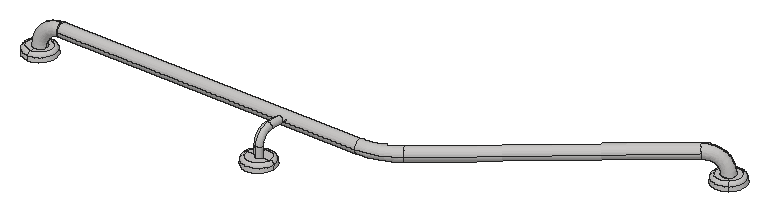
Revit family "8478475440 Virtu Comfort Grab Rail 870x700mm LH 140° Angled", category Plumbing Fixtures, host Face, Revit 2015
Parameters (values of type "Virtu Comfort Grab Rail 870x700mm LH 140° Angled")
  Waste Connection = no
  Vent Connection = no
  URL = "https://www.caroma.com.au/"
  Rail_Height = 73 mm
  Model = "8478475440"
  Material_Base = GWA_Metal-Stainless
  Manufacturer = "GWA Bathrooms & Kitchens"  # constant formula
  HW Connection = no
  Description = "Virtu Comfort Grab Rail 870x700mm LH 140° Angled"
  Default Elevation = 0 mm
  CreatedBy_ANZRS = "GWA Bathrooms & Kitchens"  # constant formula
  CW Connection = no
  Assembly Code = "C1030200"
Reference planes
  plane 1 "Center (Front/Back)": y = 0
  plane 2: z = 0
  plane 3 "Center (Left/Right)": x = 0
  plane 4 "Left": x = 0
  plane 5 "Rail_Centre": z = 73
  plane 6: through (644.056, 321.45, 1219.2) normal (-0.766, -0.6428, 0)
  plane 7: x = -245
  plane 8: x = -870
Forms (mm)
  Revolve 1, solid, material "GWA_Metal-Stainless" <- "Material_Base"
    sketch origin (536.231, 449.951, 0) x (-0.642788, 0.766044, 0) y (0, 0, -1)
      loop
        line (17, -16.9) -> (17, -18) -> (29.753, -18)
        arc (29.753, -18) -> (35.44, -15.817) -> (38.206, -10.39) r 8.5
        line (38.206, -10.39) -> (39.3, 0) -> (38.194, 0) -> (37.112, -10.275)
        arc (37.112, -10.275) -> (34.704, -15) -> (29.753, -16.9) r 7.4
        line (29.753, -16.9) -> (17, -16.9)
      axis (0, -18) -> (0, 0)
    angle from 0 to 360
  Sweep 2, solid, material "GWA_Metal-Stainless" <- "Material_Base"
    path origin (-612.836, -514.23, 0) x (-0.766044, -0.642788, 0) y (0, 0, -1)
      loop
        line (-1500, 0) -> (-1500, -17)
        arc (-1500, -17) -> (-1483.598, -56.598) -> (-1444, -73) r 56
    profile origin (536.231, 449.951, 8.5) x (-0.766044, -0.642788, 0) y (0.642788, -0.766044, 0)
      loop
        circle (0, 0) r 16
  Revolve 3, solid, material "GWA_Metal-Stainless" <- "Material_Base"
    sketch origin (-300, -80, 0) x (-1, 0, 0) y (0, 0, -1)
      loop
        line (-55, -16.9) -> (-84.753, -16.9)
        arc (-84.753, -16.9) -> (-89.704, -15) -> (-92.112, -10.275) r 7.4
        line (-92.112, -10.275) -> (-93.194, 0) -> (-94.3, 0) -> (-93.206, -10.39)
        arc (-93.206, -10.39) -> (-90.44, -15.817) -> (-84.753, -18) r 8.5
        line (-84.753, -18) -> (-55, -18) -> (-55, -16.9)
      axis (-55, -18) -> (-55, 0)
    angle from 0 to 360
  Sweep 4, solid, material "GWA_Metal-Stainless" <- "Material_Base"
    path origin (-245, 0, 0) x (0, 1, 0) y (0, 0, 1)
      loop
        line (-80, 0) -> (-80, 43)
        arc (-80, 43) -> (-71.213, 64.213) -> (-50, 73) r 30
        line (-50, 73) -> (0, 73)
    profile origin (-245, -80, 21.5) x (0, 1, 0) y (-1, 0, 0)
      loop
        circle (0, 0) r 9
  Revolve 5, solid, material "GWA_Metal-Stainless" <- "Material_Base"
    sketch origin (-870, 60, 0) x (0, 1, 0) y (0, 0, 1)
      loop
        line (-43, 16.9) -> (-30.247, 16.9)
        arc (-30.247, 16.9) -> (-25.296, 15) -> (-22.888, 10.275) r 7.4
        line (-22.888, 10.275) -> (-21.806, 0) -> (-20.7, 0) -> (-21.794, 10.39)
        arc (-21.794, 10.39) -> (-24.56, 15.817) -> (-30.247, 18) r 8.5
        line (-30.247, 18) -> (-43, 18) -> (-43, 16.9)
      axis (-60, 18) -> (-60, 0)
    angle from 0 to 360
  Sweep 6, solid, material "GWA_Metal-Stainless" <- "Material_Base"
    path origin (0, 0, 0) x (1, 0, 0) y (0, 0, 1)
      loop
        line (-870, 0) -> (-870, 17)
        arc (-870, 17) -> (-853.598, 56.598) -> (-814, 73) r 56
    profile origin (-870, 0, 8.5) x (-1, 0, 0) y (0, -1, 0)
      loop
        circle (0, 0) r 16
  Sweep 7, solid, material "GWA_Metal-Stainless" <- "Material_Base"
    path origin (0, 0, 73) x (1, 0, 0) y (0, 1, 0)
      loop
        line (-814, 0) -> (-49.864, 0)
        arc (-49.864, 0) -> (-3.007, 8.262) -> (38.198, 32.052) r 137
        line (38.198, 32.052) -> (493.333, 413.955)
    profile origin (265.765, 223.004, 73) x (-0.642788, 0.766044, 0) y (0, 0, 1)
      loop
        circle (0, 0) r 16
Lines and regions (mm)
  Masking region 1
    outline origin (0, 0, 0) x (0, 1, 0) y (0, 0, 1)
      loop
        arc (0, 89) -> (-7.483, 87.142) -> (-13.229, 82) r 16
        line (-13.229, 82) -> (-50, 82)
        arc (-50, 82) -> (-77.577, 70.577) -> (-89, 43) r 39
        line (-89, 43) -> (-89, 18) -> (-109.755, 18)
        arc (-109.755, 18) -> (-115.442, 15.817) -> (-118.208, 10.388) r 8.5
        line (-118.208, 10.388) -> (-119.3, 0) -> (-40.7, 0) -> (-41.792, 10.388)
        arc (-41.792, 10.388) -> (-44.558, 15.817) -> (-50.245, 18) r 8.5
        line (-50.245, 18) -> (-71, 18) -> (-71, 43)
        arc (-71, 43) -> (-64.849, 57.849) -> (-50, 64) r 21
        line (-50, 64) -> (-16, 64) -> (-16, 18) -> (-29.755, 18)
        arc (-29.755, 18) -> (-35.442, 15.817) -> (-38.208, 10.388) r 8.5
        line (-38.208, 10.388) -> (-39.3, 0) -> (39.3, 0) -> (38.208, 10.388)
        arc (38.208, 10.388) -> (35.442, 15.817) -> (29.755, 18) r 8.5
        line (29.755, 18) -> (16, 18) -> (16, 57) -> (413.955, 57)
        arc (413.955, 57) -> (416.689, 56.461) -> (419.18, 55.212) r 10.348
        arc (419.18, 55.212) -> (422.237, 52.684) -> (424.785, 49.643) r 21.791
        arc (424.785, 49.643) -> (427.708, 44.83) -> (430.029, 39.7) r 46.537
        arc (430.029, 39.7) -> (431.356, 35.765) -> (432.376, 31.74) r 53.629
        arc (432.376, 31.74) -> (433.169, 27.367) -> (433.701, 22.956) r 74.565
        arc (433.701, 22.956) -> (433.872, 20.48) -> (433.94, 18) r 59.171
        line (433.94, 18) -> (420.197, 18)
        arc (420.197, 18) -> (414.509, 15.817) -> (411.743, 10.388) r 8.5
        line (411.743, 10.388) -> (410.651, 0) -> (489.251, 0) -> (488.159, 10.388)
        arc (488.159, 10.388) -> (485.394, 15.817) -> (479.706, 18) r 8.5
        line (479.706, 18) -> (465.943, 18)
        arc (465.943, 18) -> (465.446, 27.079) -> (464.152, 36.079) r 103.181
        arc (464.152, 36.079) -> (462.719, 42.395) -> (460.834, 48.592) r 89.675
        arc (460.834, 48.592) -> (457.524, 56.744) -> (453.35, 64.489) r 81.007
        arc (453.35, 64.489) -> (446.806, 73.222) -> (438.741, 80.574) r 57.957
        arc (438.741, 80.574) -> (427.022, 86.77) -> (413.955, 89) r 41.961
        line (413.955, 89) -> (0, 89)
  Masking region 2
    outline origin (0, 0, 73) x (1, 0, 0) y (0, 1, 0)
      loop
        line (498.449, 439.135) -> (27.913, 44.309)
        arc (27.913, 44.309) -> (-8.479, 23.297) -> (-49.864, 16) r 121
        line (-49.864, 16) -> (-834.104, 16)
        arc (-834.104, 16) -> (-878.179, 38.439) -> (-909.3, 0) r 39.3
        arc (-909.3, 0) -> (-878.179, -38.439) -> (-834.104, -16) r 39.3
        line (-834.104, -16) -> (-254, -16) -> (-254, -41.744)
        arc (-254, -41.744) -> (-245, -119.3) -> (-236, -41.744) r 39.3
        line (-236, -41.744) -> (-236, -16) -> (-49.864, -16)
        arc (-49.864, -16) -> (2.465, -6.773) -> (48.483, 19.795) r 153
        line (48.483, 19.795) -> (519.018, 414.621)
        arc (519.018, 414.621) -> (566.337, 475.213) -> (498.449, 439.135) r 39.3
  Masking region 3
    outline origin (0, 0, 0) x (-1, 0, 0) y (0, 0, 1)
      loop
        line (-493.333, 57) -> (236, 57) -> (236, 18) -> (215.245, 18)
        arc (215.245, 18) -> (209.558, 15.817) -> (206.792, 10.388) r 8.5
        line (206.792, 10.388) -> (205.7, 0) -> (284.3, 0) -> (283.208, 10.388)
        arc (283.208, 10.388) -> (280.442, 15.817) -> (274.755, 18) r 8.5
        line (274.755, 18) -> (254, 18) -> (254, 57) -> (814, 57)
        arc (814, 57) -> (841.928, 45.636) -> (853.987, 18) r 40
        line (853.987, 18) -> (840.245, 18)
        arc (840.245, 18) -> (834.558, 15.817) -> (831.792, 10.388) r 8.5
        line (831.792, 10.388) -> (830.7, 0) -> (909.3, 0) -> (908.208, 10.388)
        arc (908.208, 10.388) -> (905.442, 15.817) -> (899.755, 18) r 8.5
        line (899.755, 18) -> (885.993, 18)
        arc (885.993, 18) -> (864.557, 68.264) -> (814, 89) r 72
        line (814, 89) -> (-493.542, 89)
        arc (-493.542, 89) -> (-501.401, 88.33) -> (-509.054, 86.422) r 49.532
        arc (-509.054, 86.422) -> (-517.271, 82.87) -> (-524.78, 77.995) r 53.411
        arc (-524.78, 77.995) -> (-533.327, 70.023) -> (-540.291, 60.638) r 64.381
        arc (-540.291, 60.638) -> (-544.671, 52.414) -> (-548.066, 43.737) r 80.139
        arc (-548.066, 43.737) -> (-550.202, 35.897) -> (-551.562, 27.885) r 83.133
        arc (-551.562, 27.885) -> (-552.025, 22.951) -> (-552.231, 18) r 95.84
        line (-552.231, 18) -> (-565.986, 18)
        arc (-565.986, 18) -> (-571.673, 15.817) -> (-574.439, 10.388) r 8.5
        line (-574.439, 10.388) -> (-575.531, 0) -> (-496.931, 0) -> (-498.023, 10.388)
        arc (-498.023, 10.388) -> (-500.789, 15.817) -> (-506.476, 18) r 8.5
        line (-506.476, 18) -> (-520.231, 18)
        arc (-520.231, 18) -> (-519.922, 22.931) -> (-519.189, 27.817) r 57.078
        arc (-519.189, 27.817) -> (-517.771, 33.399) -> (-515.736, 38.787) r 51.21
        arc (-515.736, 38.787) -> (-513.189, 43.626) -> (-510.017, 48.082) r 40.818
        arc (-510.017, 48.082) -> (-506.43, 51.714) -> (-502.23, 54.616) r 27.332
        arc (-502.23, 54.616) -> (-497.931, 56.365) -> (-493.333, 57) r 18.669
  symbolic lines
    curve 1: line (0, -71, 18) -> (0, -89, 18)
    curve 2: line (0, 35.896, 89) -> (0, 0, 89)
    curve 3: arc (0, 0, 89) -> (0, -16, 73) -> (0, 0, 57) r 16
    curve 4: line (0, 0, 57) -> (0, 35.896, 57)
    curve 5: line (0, -38.256, 82) -> (0, -13.229, 82)
    curve 6: line (0, -38.256, 64) -> (0, -13.229, 64)
    curve 7: line (0, -16, 18) -> (0, 16, 18)
    curve 8: line (254, 0, 57) -> (236, 0, 57)
    curve 9: line (0, 465.943, 18) -> (0, 433.94, 18)
    curve 10: arc (549.254, 460.879, 40) -> (534.786, 466.89, 40) -> (521.546, 458.516, 40) r 17
    curve 11: arc (542.115, 434.002, 40) -> (552.661, 445.587, 40) -> (549.254, 460.879, 40) r 17
    curve 12: arc (546.516, 437.695, 40) -> (548.488, 460.236, 40) -> (525.947, 462.208, 40) r 16
    curve 13: arc (521.546, 458.516, 40) -> (549.254, 460.879, 40) -> (542.115, 434.002, 40) r 17
    curve 14: line (525.947, 462.208, 40) -> (498.449, 439.135, 40)
    curve 15: line (546.516, 437.695, 40) -> (519.018, 414.621, 40)
    curve 16: line (546.516, 437.695, 73) -> (519.018, 414.621, 73)
    curve 17: line (525.947, 462.208, 73) -> (498.449, 439.135, 73)
    curve 18: line (-236, -41.744, 73) -> (-236, -80, 73)
    curve 19: arc (-236, -80, 73) -> (-245, -89, 73) -> (-254, -80, 73) r 9
    curve 20: line (-254, -80, 73) -> (-254, -41.744, 73)
    curve 21: line (-236, -16, 73) -> (-254, -16, 73)
    curve 22: arc (-887, 0, 40) -> (-879.781, 13.904, 40) -> (-864.255, 16, 40) r 17
    curve 23: arc (-864.255, -16, 40) -> (-879.781, -13.904, 40) -> (-887, 0, 40) r 17
    curve 24: arc (-870, -16, 40) -> (-886, 0, 40) -> (-870, 16, 40) r 16
    curve 25: arc (-864.255, 16, 40) -> (-887, 0, 40) -> (-864.255, -16, 40) r 17
    curve 26: line (-834.104, 16, 73) -> (-870, 16, 73)
    curve 27: line (-834.104, -16, 73) -> (-870, -16, 73)
    curve 28: line (-228.987, 0, 18) -> (-260.993, 0, 18)
    curve 29: line (-254, 0, 57) -> (-236, 0, 57)
    curve 30: line (-853.987, 0, 18) -> (-885.993, 0, 18)
    curve 31: line (520.231, 0, 18) -> (552.231, 0, 18)
Dimensions and locks
  "Rail_Height": plane 5 "Rail_Centre" to host face
  aligned and locked: plane 2 to host face
  aligned and locked: level to host face
Automatic sketch dimensions
  curve 3 to plane 1 "Center (Front/Back)" = 0 mm
  curve 3 to plane 5 "Rail_Centre" = 0 mm
  curve 4 to plane 5 "Rail_Centre" = 16 mm
  curve 6 to plane 5 "Rail_Centre" = 9 mm
  plane 5 "Rail_Centre" to curve 5 = 9 mm
  plane 1 "Center (Front/Back)" to curve 7 = 16 mm
  curve 5 to curve 5 = 25.027 mm
  curve 6 to curve 5 = 0 mm
  level to curve 1 = 18 mm
  curve 1 to curve 7 = 55 mm
  curve 1 to curve 1 = 18 mm
  curve 7 to plane 1 "Center (Front/Back)" = 16 mm
  curve 3 to curve 2 = 35.896 mm
  curve 4 to curve 2 = 0 mm
  level to curve 9 = 18 mm
  curve 4 to curve 9 = 398.044 mm
  curve 9 to curve 9 = 32.004 mm
  level to curve 7 = 18 mm
  host sketch curve to host sketch curve = 2438.4 mm  (x2)
  curve 10 to curve 11 = 0 mm  (x2)
  curve 10 to curve 12 = 0 mm  (x2)
  curve 10 to curve 13 = 0 mm  (x3)
  curve 11 to curve 12 = 0 mm  (x2)
  curve 11 to curve 13 = 0 mm  (x2)
  curve 12 to curve 13 = 0 mm  (x2)
  curve 22 to curve 23 = 0 mm  (x2)
  curve 22 to curve 24 = 0 mm  (x2)
  curve 22 to curve 25 = 0 mm  (x2)
  curve 23 to curve 24 = 0 mm  (x2)
  curve 23 to curve 25 = 0 mm  (x3)
  curve 24 to curve 25 = 0 mm  (x2)
  curve 12 to plane 6 = 0 mm  (x2)
  curve 10 to plane 6 = 0 mm
  plane 1 "Center (Front/Back)" to curve 22 = 0 mm
  curve 22 to plane 8 = 0 mm
  curve 14 to plane 1 "Center (Front/Back)" = 462.208 mm
  curve 13 to curve 12 = 10.285 mm
  curve 25 to curve 24 = 5.745 mm
  curve 22 to curve 24 = 5.745 mm
  curve 25 to curve 22 = 0 mm  (x2)
  curve 12 to curve 14 = 27.498 mm
  curve 15 to curve 14 = 20.569 mm
  curve 12 to curve 13 = 4.401 mm  (x2)
  curve 11 to curve 10 = 13.023 mm
  plane 8 to curve 23 = 17 mm
  curve 10 to curve 10 = 10.927 mm
  curve 24 to curve 22 = 0 mm
  curve 16 to plane 6 = 0 mm
  curve 17 to plane 6 = 0 mm
  curve 19 to plane 7 = 0 mm
  curve 27 to plane 8 = 0 mm
  curve 26 to plane 8 = 0 mm
  curve 18 to curve 19 = 9 mm
  plane 1 "Center (Front/Back)" to curve 19 = 80 mm
  curve 21 to plane 7 = 9 mm
  plane 3 "Center (Left/Right)" to curve 17 = 498.449 mm
  curve 16 to curve 17 = 20.569 mm
  curve 17 to plane 1 "Center (Front/Back)" = 462.208 mm
  curve 16 to plane 1 "Center (Front/Back)" = 437.695 mm
  plane 7 to curve 21 = 9 mm
  plane 1 "Center (Front/Back)" to curve 27 = 16 mm
  curve 27 to curve 27 = 35.896 mm
  curve 26 to curve 27 = 0 mm
  curve 20 to curve 20 = 38.256 mm
  curve 20 to curve 18 = 0 mm
  plane 1 "Center (Front/Back)" to curve 21 = 16 mm
  curve 26 to plane 1 "Center (Front/Back)" = 16 mm
  curve 16 to curve 16 = 23.073 mm
  curve 17 to curve 16 = 24.513 mm
  Masking region 1 sketch curve to Masking region 1 sketch curve = 0 mm  (x9)
  Masking region 1 sketch curve to level = 0 mm  (x3)
  Masking region 1 sketch curve to plane 1 "Center (Front/Back)" = 0 mm
  Masking region 1 sketch curve to plane 5 "Rail_Centre" = 0 mm
  plane 1 "Center (Front/Back)" to Masking region 1 sketch curve = 13.229 mm
  plane 1 "Center (Front/Back)" to Masking region 1 sketch curve = 16 mm
  level to Masking region 1 sketch curve = 9.5 mm  (x2)
  Masking region 1 sketch curve to Masking region 1 sketch curve = 13.755 mm  (x2)
  level to Masking region 1 sketch curve = 10.388 mm  (x6)
  Masking region 1 sketch curve to Masking region 1 sketch curve = 8.453 mm  (x6)
  Masking region 1 sketch curve to Masking region 1 sketch curve = 1.092 mm  (x5)
  Masking region 1 sketch curve to Masking region 1 sketch curve = 1.4 mm
  Masking region 1 sketch curve to Masking region 1 sketch curve = 3.584 mm
  Masking region 1 sketch curve to Masking region 1 sketch curve = 20.245 mm
  Masking region 1 sketch curve to Masking region 1 sketch curve = 20.755 mm  (x2)
  Masking region 1 sketch curve to Masking region 1 sketch curve = 18 mm
  Masking region 1 sketch curve to plane 1 "Center (Front/Back)" = 16 mm
  level to Masking region 1 sketch curve = 16.247 mm
  Masking region 1 sketch curve to Masking region 1 sketch curve = 320.138 mm
  Masking region 1 sketch curve to Masking region 1 sketch curve = 3.33 mm
  Masking region 1 sketch curve to Masking region 1 sketch curve = 12.002 mm
  Masking region 1 sketch curve to Masking region 1 sketch curve = 1.268 mm
  Masking region 1 sketch curve to Masking region 1 sketch curve = 3.878 mm
  Masking region 1 sketch curve to Masking region 1 sketch curve = 4.318 mm
  Masking region 1 sketch curve to Masking region 1 sketch curve = 2.309 mm
  Masking region 1 sketch curve to Masking region 1 sketch curve = 17.357 mm
  Masking region 1 sketch curve to Masking region 1 sketch curve = 2.977 mm
  Masking region 1 sketch curve to Masking region 1 sketch curve = 24.107 mm
  Masking region 1 sketch curve to Masking region 1 sketch curve = 6.46 mm
  Masking region 1 sketch curve to Masking region 1 sketch curve = 0.178 mm
  Masking region 1 sketch curve to Masking region 1 sketch curve = 0.438 mm  (x2)
  Masking region 1 sketch curve to Masking region 1 sketch curve = 13.743 mm
  Masking region 1 sketch curve to Masking region 1 sketch curve = 32.004 mm
  Masking region 1 sketch curve to Masking region 1 sketch curve = 13.763 mm
  Masking region 1 sketch curve to Masking region 1 sketch curve = 0.888 mm  (x5)
  Masking region 1 sketch curve to Masking region 1 sketch curve = 0.658 mm
  Masking region 1 sketch curve to Masking region 1 sketch curve = 0.727 mm
  Masking region 1 sketch curve to Masking region 1 sketch curve = 1.783 mm
  Masking region 1 sketch curve to Masking region 1 sketch curve = 1.182 mm
  Masking region 1 sketch curve to Masking region 1 sketch curve = 1.638 mm
  Masking region 1 sketch curve to Masking region 1 sketch curve = 11.135 mm
  Masking region 1 sketch curve to Masking region 1 sketch curve = 2.966 mm
  Masking region 1 sketch curve to Masking region 1 sketch curve = 25 mm
  Masking region 1 sketch curve to Masking region 1 sketch curve = 9.446 mm
  Masking region 1 sketch curve to Masking region 1 sketch curve = 0.371 mm
  Masking region 1 sketch curve to plane 5 "Rail_Centre" = 16 mm
  Revolve 1 sketch curve to Revolve 1 sketch curve = 0 mm  (x2)
  Revolve 1 sketch curve to level = 0 mm
  level to Revolve 1 sketch curve = 18 mm
  Revolve 1 sketch curve to Revolve 1 sketch curve = 12.753 mm
  level to Revolve 1 sketch curve = 10.275 mm
  Revolve 1 sketch curve to Revolve 1 sketch curve = 7.359 mm
  Revolve 1 sketch curve to Revolve 1 sketch curve = 1.082 mm
  level to Revolve 1 sketch curve = 10.39 mm
  Revolve 1 sketch curve to Revolve 1 sketch curve = 1.094 mm
  Revolve 1 sketch curve to Revolve 1 sketch curve = 1.106 mm
  level to Revolve 1 sketch curve = 7.862 mm
  Revolve 1 sketch curve to Revolve 1 sketch curve = 17 mm
  Revolve 1 sketch curve to Revolve 1 sketch curve = 12.173 mm
  Sweep 2 sketch curve to plane 6 = 0 mm
  Sweep 2 sketch curve to plane 5 "Rail_Centre" = 0 mm
  Sweep 2 sketch curve to level = 0 mm
  level to Sweep 2 sketch curve = 17 mm
  Sweep 2 sketch curve to profile plane = 0 mm
  profile plane to Sweep 2 sketch curve = 0 mm
  Revolve 3 sketch curve to Revolve 3 sketch curve = 0 mm  (x2)
  Revolve 3 sketch curve to level = 0 mm
  plane 7 to Revolve 3 sketch curve = 0 mm  (x2)
  level to Revolve 3 sketch curve = 9.5 mm
  Revolve 3 sketch curve to plane 7 = 29.753 mm
  level to Revolve 3 sketch curve = 10.275 mm
  Revolve 3 sketch curve to Revolve 3 sketch curve = 7.359 mm
  Revolve 3 sketch curve to Revolve 3 sketch curve = 1.082 mm
  level to Revolve 3 sketch curve = 10.39 mm
  Revolve 3 sketch curve to Revolve 3 sketch curve = 1.094 mm
  Revolve 3 sketch curve to Revolve 3 sketch curve = 1.106 mm
  Revolve 3 sketch curve to Revolve 3 sketch curve = 2.036 mm
  level to Revolve 3 sketch curve = 7.862 mm
  Sweep 4 sketch curve to level = 0 mm
  Sweep 4 sketch curve to plane 5 "Rail_Centre" = 0 mm
  Sweep 4 sketch curve to plane 1 "Center (Front/Back)" = 0 mm
  Sweep 4 sketch curve to plane 1 "Center (Front/Back)" = 50 mm
  Sweep 4 sketch curve to Sweep 4 sketch curve = 30 mm
  Sweep 4 sketch curve to plane 7 = 0 mm
  profile plane to Sweep 4 sketch curve = 0 mm
  Revolve 5 sketch curve to Revolve 5 sketch curve = 0 mm  (x2)
  Revolve 5 sketch curve to plane 1 "Center (Front/Back)" = 0 mm
  Revolve 5 sketch curve to level = 0 mm
  Revolve 5 sketch curve to plane 1 "Center (Front/Back)" = 17 mm
  Revolve 5 sketch curve to Revolve 5 sketch curve = 12.753 mm
  level to Revolve 5 sketch curve = 10.275 mm
  Revolve 5 sketch curve to Revolve 5 sketch curve = 7.359 mm
  Revolve 5 sketch curve to Revolve 5 sketch curve = 1.082 mm
  level to Revolve 5 sketch curve = 10.39 mm
  Revolve 5 sketch curve to Revolve 5 sketch curve = 1.094 mm
  Revolve 5 sketch curve to Revolve 5 sketch curve = 1.106 mm
  Revolve 5 sketch curve to Revolve 5 sketch curve = 0.775 mm
  level to Revolve 5 sketch curve = 7.862 mm
  Revolve 5 sketch curve to Revolve 5 sketch curve = 12.173 mm
  plane 8 to Sweep 6 sketch curve = 0 mm
  Sweep 6 sketch curve to plane 5 "Rail_Centre" = 0 mm
  Sweep 6 sketch curve to level = 0 mm
  level to Sweep 6 sketch curve = 17 mm
  Sweep 6 sketch curve to profile plane = 0 mm
  profile plane to Sweep 6 sketch curve = 0 mm
  Masking region 2 sketch curve to Masking region 2 sketch curve = 0 mm  (x4)
  plane 1 "Center (Front/Back)" to Masking region 2 sketch curve = 0 mm
  Masking region 2 sketch curve to plane 8 = 0 mm
  Masking region 2 sketch curve to plane 7 = 0 mm
  Masking region 2 sketch curve to plane 6 = 0 mm
  Masking region 2 sketch curve to plane 1 "Center (Front/Back)" = 16 mm
  Masking region 2 sketch curve to plane 8 = 35.896 mm
  plane 1 "Center (Front/Back)" to Masking region 2 sketch curve = 16 mm  (x2)
  plane 7 to Masking region 2 sketch curve = 9 mm
  Masking region 2 sketch curve to plane 7 = 9 mm
  Masking region 2 sketch curve to plane 3 "Center (Left/Right)" = 49.864 mm
  plane 3 "Center (Left/Right)" to Masking region 2 sketch curve = 27.913 mm
  Masking region 2 sketch curve to plane 1 "Center (Front/Back)" = 19.795 mm
  Masking region 2 sketch curve to Masking region 2 sketch curve = 20.569 mm  (x2)
  plane 3 "Center (Left/Right)" to Masking region 2 sketch curve = 498.449 mm
  Masking region 2 sketch curve to Masking region 2 sketch curve = 37.782 mm
  Masking region 2 sketch curve to Masking region 2 sketch curve = 25.744 mm
  Masking region 2 sketch curve to Masking region 2 sketch curve = 38.256 mm
  Masking region 2 sketch curve to Masking region 2 sketch curve = 35.33 mm
  plane 1 "Center (Front/Back)" to Sweep 7 sketch curve = 0 mm
  Sweep 7 sketch curve to plane 3 "Center (Left/Right)" = 49.864 mm
  Sweep 7 sketch curve to plane 1 "Center (Front/Back)" = 32.052 mm
  plane 3 "Center (Left/Right)" to Sweep 7 sketch curve = 38.198 mm
  Sweep 7 sketch curve to plane 8 = 56 mm
  plane 3 "Center (Left/Right)" to Sweep 7 sketch curve = 493.333 mm
  Sweep 7 sketch curve to plane 1 "Center (Front/Back)" = 413.955 mm
  Sweep 7 sketch curve to profile plane = 0 mm
  profile plane to Sweep 7 sketch curve = 0 mm
  Masking region 3 sketch curve to Masking region 3 sketch curve = 0 mm  (x9)
  Masking region 3 sketch curve to level = 0 mm  (x3)
  plane 3 "Center (Left/Right)" to Masking region 3 sketch curve = 575.531 mm
  level to Masking region 3 sketch curve = 10.388 mm  (x6)
  Masking region 3 sketch curve to Masking region 3 sketch curve = 1.092 mm  (x6)
  Masking region 3 sketch curve to Masking region 3 sketch curve = 8.453 mm  (x6)
  Masking region 3 sketch curve to Masking region 3 sketch curve = 13.755 mm  (x2)
  level to Masking region 3 sketch curve = 18 mm
  Masking region 3 sketch curve to Masking region 3 sketch curve = 32 mm
  plane 5 "Rail_Centre" to Masking region 3 sketch curve = 16 mm
  Masking region 3 sketch curve to Masking region 3 sketch curve = 12.934 mm
  Masking region 3 sketch curve to plane 5 "Rail_Centre" = 16 mm  (x2)
  Masking region 3 sketch curve to Masking region 3 sketch curve = 0.21 mm
  Masking region 3 sketch curve to Masking region 3 sketch curve = 0.053 mm
  Masking region 3 sketch curve to Masking region 3 sketch curve = 0.181 mm
  Masking region 3 sketch curve to Masking region 3 sketch curve = 1.054 mm
  Masking region 3 sketch curve to Masking region 3 sketch curve = 3.183 mm
  Masking region 3 sketch curve to Masking region 3 sketch curve = 3.541 mm
  Masking region 3 sketch curve to Masking region 3 sketch curve = 6.898 mm
  Masking region 3 sketch curve to Masking region 3 sketch curve = 6.556 mm
  Masking region 3 sketch curve to Masking region 3 sketch curve = 2.847 mm
  Masking region 3 sketch curve to Masking region 3 sketch curve = 0.096 mm
  Masking region 3 sketch curve to Masking region 3 sketch curve = 5.76 mm
  Masking region 3 sketch curve to Masking region 3 sketch curve = 6.76 mm
  Masking region 3 sketch curve to plane 7 = 39.3 mm
  Masking region 3 sketch curve to plane 7 = 9 mm
  plane 7 to Masking region 3 sketch curve = 9 mm
  level to Masking region 3 sketch curve = 9.5 mm
  Masking region 3 sketch curve to Masking region 3 sketch curve = 20.755 mm
  Masking region 3 sketch curve to plane 8 = 56 mm
  Masking region 3 sketch curve to Masking region 3 sketch curve = 16.7 mm
  Masking region 3 sketch curve to Masking region 3 sketch curve = 13.742 mm
  plane 8 to Masking region 3 sketch curve = 15.993 mm
  Masking region 3 sketch curve to Masking region 3 sketch curve = 13.762 mm
  Masking region 3 sketch curve to Masking region 3 sketch curve = 0.888 mm  (x3)
  level to Masking region 3 sketch curve = 16.481 mm
  Masking region 3 sketch curve to Masking region 3 sketch curve = 0.421 mm
  Masking region 3 sketch curve to Masking region 3 sketch curve = 1.091 mm
  Masking region 3 sketch curve to Masking region 3 sketch curve = 0.032 mm
  Masking region 3 sketch curve to Masking region 3 sketch curve = 0.927 mm
  Masking region 3 sketch curve to Masking region 3 sketch curve = 3.317 mm
  Masking region 3 sketch curve to Masking region 3 sketch curve = 4.885 mm
  Masking region 3 sketch curve to Masking region 3 sketch curve = 3.653 mm
  Masking region 3 sketch curve to Masking region 3 sketch curve = 5.015 mm
  Masking region 3 sketch curve to Masking region 3 sketch curve = 2.541 mm
  Masking region 3 sketch curve to Masking region 3 sketch curve = 1.136 mm
  plane 8 to curve 30 = 15.993 mm
  curve 30 to plane 8 = 16.013 mm
  plane 7 to curve 28 = 15.993 mm
  plane 7 to curve 29 = 9 mm
  curve 29 to plane 7 = 9 mm
  curve 28 to plane 7 = 16.013 mm
  curve 8 to plane 5 "Rail_Centre" = 16 mm
  curve 8 to curve 8 = 18 mm
  level to curve 31 = 18 mm
  curve 31 to curve 31 = 32 mm
  level to curve 30 = 18 mm
  level to curve 28 = 18 mm
  curve 29 to plane 5 "Rail_Centre" = 16 mm
  plane 3 "Center (Left/Right)" to curve 8 = 236 mm
  curve 8 to curve 31 = 266.231 mm
  radius of Sweep 2 sketch curve = 16 mm
  radius of Sweep 4 sketch curve = 9 mm
  radius of Sweep 6 sketch curve = 16 mm
  radius of Sweep 7 sketch curve = 16 mm
